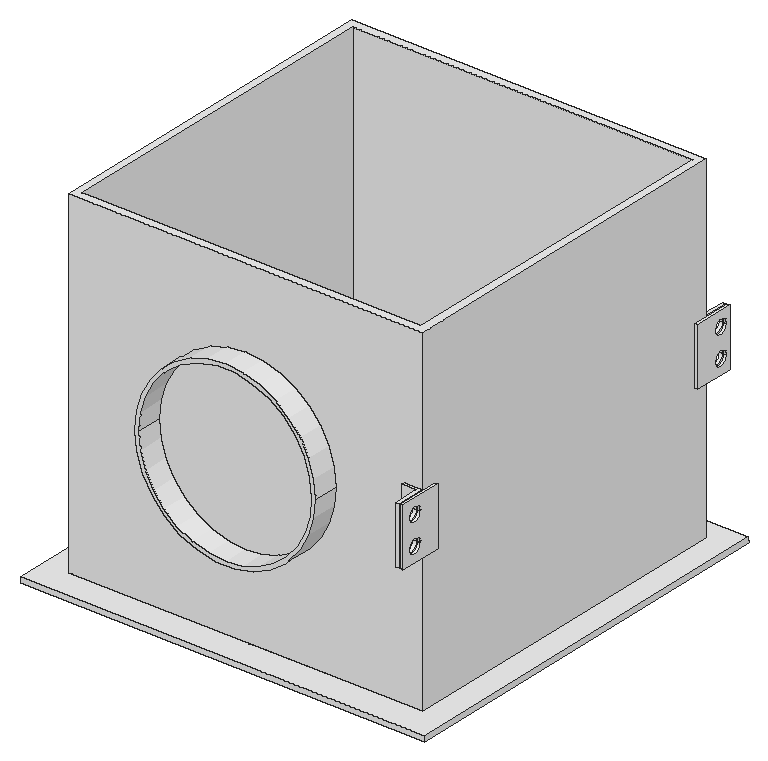
Revit family "Ceiling-Fan_VCDD-010C_Carnes", category Mechanical Equipment, host Ceiling, Revit 2012
Parameters
  ecoScorecard_data = ""
  ecoScorecard Product Page = "http://ecoscorecard.com/"
  Warranty URL = "http://www.carnes.com/GeneralCatalogs/termcond.pdf"
  Housing = Aluminum-Carnes-Spun-Brushed
  URL = "http://www.carnes.com/index.html"
  Specifications URL = ""
  Product Page URL = "http://www.carnes.com/ventilation/vcdd-vcdk.htm"
  Parts List URL = "http://www.carnes.com/ventilation/pdf/22005.pdf"
  Outer Radius = Duct Radius + 0' 0 1/8"  # 0' - 3 1/8"
  Model = "VCDD 010C"  # constant formula
  Material = ""
  Manufacturer Toll Free Phone = ""
  Manufacturer Phone = "608-845-6411"  # constant formula
  Manufacturer Fax = "608-845-6470"  # constant formula
  Manufacturer Email = "mailto:carnes@carnes.com"
  Manufacturer Address = "448 S. Main St., P. O. Box 930040, Verona, WI 53593-0040"  # constant formula
  Manufacturer = "CARNES COMPANY"  # constant formula
  IOM Instructions URL = "http://www.carnes.com/ventilation/pdf/11235.pdf"
  Grill Size = "14 x 14"
  Grill Depth = 0' - 0 3/8"
  Duct Radius = 0' - 3"
  Duct Connector = "6\""
  Description = "Ceiling Ventilators"  # constant formula
  Cost Info = "mailto:carnes@carnes.com"
  Catalog URL = "http://www.carnes.com/ventilation/pdf/C269-C295.pdf"
  Box Size = "12-1/4 x 12-1/4"
  Box Depth = 0' - 11 3/4"
  Assembly Code = "D3040200"
  95 CSI = "15850"  # constant formula
  04 CSI = "23 37 13"  # constant formula
Reference planes (in)
  plane 1 "Center (Front/Back)": y = 0
  plane 2 "Ceiling": z = 96
  plane 3 "Center (Left/Right)": x = 0
  plane 4: y = 6.125
  plane 5: x = -6.125
  plane 6: y = -6.125
  plane 7: x = 6.125
  plane 8: z = 95.625
  plane 9: z = 107.75
  plane 10: y = 7
  plane 11: x = -7
  plane 12: y = -7
  plane 13: x = 7
  plane 14: y = 6
Forms (in)
  Sweep 1, solid, material "Aluminum-Carnes-Spun-Brushed" <- "Housing", detail levels fine
    path origin (0, 0.125, 96) x (0, -1, 0) y (1, 0, 0)
      loop
        line (-6.125, -6.125) -> (6.125, -6.125) -> (6.125, 6.125) -> (-6.125, 6.125) -> (-6.125, -6.125)
    profile origin (0, 6.25, 96) x (0, 1, 0) y (0, 0, 1)
      loop
        line (0, 11.75) -> (-0.25, 11.75) -> (-0.25, 0) -> (0, 0) -> (0, 11.75)
  Extrusion 2, solid, material "Aluminum-Carnes-Spun-Brushed" <- "Housing", detail levels fine
    sketch origin (0, 0.125, 96) x (0, 1, 0) y (0, 0, 1)
      loop
        line (-5.625, 4.875) -> (-5.625, 6.875) -> (-7.125, 6.875) -> (-7.125, 4.875) -> (-5.625, 4.875)
      loop
        line (7, 6.875) -> (5.625, 6.875) -> (5.625, 4.875) -> (7, 4.875) -> (7, 6.875)
      loop
        circle (-6.625, 5.38243) r 0.25
      loop
        circle (-6.625, 6.36757) r 0.25
      loop
        circle (6.625, 5.38243) r 0.25
      loop
        circle (6.625, 6.36757) r 0.25
    from 6.125 to 6.25
  Extrusion 3, solid, material "Aluminum-Carnes-Spun-Brushed" <- "Housing", detail levels fine
    sketch origin (0, 0.125, 96) x (0, -1, 0) y (1, 0, 0)
      loop
        line (6.125, 5.5) -> (6.25, 5.5) -> (6.25, 6) -> (7.125, 6) -> (7.125, 6.125) -> (6.125, 6.125) -> (6.125, 5.5)
      loop
        line (-6.125, 5.5) -> (-6.125, 6.125) -> (-7, 6.125) -> (-7, 6) -> (-6.25, 6) -> (-6.25, 5.5) -> (-6.125, 5.5)
    from 6.875 to 4.875
  Extrusion 4, void
    sketch origin (0, 0.125, 96) x (0, 1, 0) y (0, 0, 1)
      loop
        circle (6.625, 5.38243) r 0.25
      loop
        circle (6.625, 6.36757) r 0.25
      loop
        circle (-6.625, 5.38243) r 0.25
      loop
        circle (-6.625, 6.36757) r 0.25
    from 5.875 to 6.25
  Extrusion 5, solid, material "Aluminum-Carnes-Spun-Brushed" <- "Housing", detail levels fine
    sketch origin (0, 0.125, 96) x (1, 0, 0) y (0, 0, 1)
      loop
        circle (0, 5.875) r 3
      loop
        circle (0, 5.875) r 3.125
    from 6.125 to 7
Cuts and joins
  Extrusion 4 cuts Extrusion 2
  Extrusion 4 cuts Extrusion 3
Lines and regions (in)
  Opening 1
    outline origin (-60, 60, 97) x (-1, 0, 0) y (0, -1, 0)
      loop
        line (-67, 67) -> (-67, 53) -> (-53, 53) -> (-53, 67) -> (-67, 67)
  model lines, detail levels coarse+medium
    curve 1: line (-7, 7, 96) -> (7, 7, 96)
    curve 2: line (7, -7, 96) -> (7, 7, 96)
    curve 3: line (-7, -7, 96) -> (-7, 7, 96)
    curve 4: line (-7, -7, 96) -> (7, -7, 96)
Dimensions and locks (in)
  equal spacing: host sketch curve, plane 3 "Center (Left/Right)", host sketch curve
  equal spacing: host sketch curve, plane 1 "Center (Front/Back)", host sketch curve
  host sketch curve to host sketch curve = 10' - 0"  (x2)
  equal spacing: plane 5, plane 3 "Center (Left/Right)", plane 7
  plane 5 to plane 7 = 1' - 0 1/4"
  equal spacing: plane 4, plane 1 "Center (Front/Back)", plane 6
  plane 4 to plane 6 = 1' - 0 1/4"
  "Grill Depth": plane 2 "Ceiling" to plane 8
  "Box Depth": plane 9 to plane 2 "Ceiling"
  equal spacing: plane 10, plane 1 "Center (Front/Back)", plane 12
  plane 10 to plane 12 = 1' - 2"
  equal spacing: plane 11, plane 3 "Center (Left/Right)", plane 13
  plane 11 to plane 13 = 1' - 2"
  locked: Extrusion 3 sketch curve to Extrusion 3 sketch curve at 0.5
  "Duct Radius": radius of Extrusion 5 sketch curve
  "Outer Radius": radius of Extrusion 5 sketch curve
  aligned and locked: Extrusion 2 sketch curve to Extrusion 2 sketch curve  (x2)
  aligned and locked: Extrusion 3 to Extrusion 2
  aligned and locked: Extrusion 2 to Extrusion 3
  aligned and locked: Extrusion 4 to Extrusion 2
  aligned and locked: Extrusion 4 to Sweep 1
  aligned and locked: plane 14 to Sweep 1 sketch curve
  aligned and locked: curve 1 to plane 10
  aligned and locked: plane 13 to curve 2
  aligned and locked: curve 3 to plane 11
  aligned and locked: plane 12 to curve 4
Automatic sketch dimensions
  Sweep 1 sketch curve to plane 7 = 0' - 0"
  Sweep 1 sketch curve to plane 5 = 0' - 0"
  plane 4 to Sweep 1 sketch curve = 0' - 0 1/8"
  Sweep 1 sketch curve to plane 6 = 0' - 0 1/8"
  Sweep 1 sketch curve to profile plane = 0' - 0"  (x2)
  profile plane to Sweep 1 sketch curve = 0' - 11 3/4"
  Extrusion 2 sketch curve to plane 12 = 0' - 0"
  plane 6 to Extrusion 2 sketch curve = 0' - 0 3/8"  (x2)
  Extrusion 2 sketch curve to plane 6 = 0' - 0 5/8"
  Extrusion 2 sketch curve to plane 4 = 0' - 0 3/8"
  Extrusion 2 sketch curve to plane 10 = 0' - 0 1/4"  (x2)
  plane 10 to Extrusion 2 sketch curve = 0' - 0 1/8"
  plane 2 "Ceiling" to Extrusion 2 sketch curve = 0' - 4 7/8"
  Extrusion 2 sketch curve to Extrusion 2 sketch curve = 0' - 0.50743"  (x3)
  Extrusion 2 sketch curve to Extrusion 2 sketch curve = 0' - 0.98513"  (x2)
  Extrusion 3 sketch curve to plane 7 = 0' - 0"  (x2)
  plane 6 to Extrusion 3 sketch curve = 0' - 0"
  plane 12 to Extrusion 3 sketch curve = 0' - 0"
  Extrusion 3 sketch curve to Extrusion 3 sketch curve = 0' - 0 1/8"  (x2)
  plane 4 to Extrusion 3 sketch curve = 0' - 0 1/8"
  plane 10 to Extrusion 3 sketch curve = 0' - 0 1/8"
  plane 7 to Extrusion 3 sketch curve = 0' - 0 1/8"  (x2)
  Extrusion 3 sketch curve to Extrusion 3 sketch curve = 0' - 0 1/2"
  Extrusion 4 sketch curve to Extrusion 4 sketch curve = 0' - 0"  (x8)
  Extrusion 4 sketch curve to plane 10 = 0' - 0"  (x2)
  Extrusion 4 sketch curve to plane 10 = 0' - 0 1/4"  (x2)
  plane 6 to Extrusion 4 sketch curve = 0' - 0 1/8"  (x2)
  Extrusion 4 sketch curve to Extrusion 4 sketch curve = 0' - 0 1/4"  (x2)
  plane 2 "Ceiling" to Extrusion 4 sketch curve = 0' - 5.38243"  (x2)
  Extrusion 4 sketch curve to Extrusion 4 sketch curve = 0' - 0.98513"  (x2)
  Extrusion 5 sketch curve to Extrusion 5 sketch curve = 0' - 0"  (x2)
  plane 5 to Extrusion 5 sketch curve = 0' - 3"
  plane 2 "Ceiling" to Extrusion 5 sketch curve = 0' - 5 7/8"
  Opening 1 sketch curve to plane 10 = 0' - 0"
  Opening 1 sketch curve to plane 13 = 0' - 0"
  Opening 1 sketch curve to plane 11 = 0' - 0"
  plane 12 to Opening 1 sketch curve = 0' - 0"
  radius of Extrusion 2 sketch curve = 0' - 0 1/4"  (x4)
Nested families (in)
  nested 1: "Grill 1" at (0, 0, 95.625), type "Grill 1", detail levels fine
Definition of nested family "Grill 1"
  Parameters (values of type "Grill 1")
    Width = 1' - 2"
    Height = 0' - 0 3/8"
    Grill = Aluminum-Carnes-Spun-Brushed
    Depth = 1' - 2"
    Default Elevation = 4' - 0"
    Assembly Code = ""
  Reference planes (in)
    plane 1 "Center (Front/Back)": y = 0
    plane 2: z = 0
    plane 3 "Center (Left/Right)": x = 0
    plane 4: x = -7
    plane 5: x = 7
    plane 6: y = 7
    plane 7: y = -7
    plane 8: z = 0.375
  Forms (in)
    Sweep 1, solid, material "Aluminum-Carnes-Spun-Brushed" <- "Grill"
      path origin (0, 0, 0) x (1, 0, 0) y (0, 1, 0)
        loop
          line (-7, 7) -> (-7, -7) -> (7, -7) -> (7, 7) -> (-7, 7)
      profile origin (0, 7, 0) x (0, 1, 0) y (0, 0, 1)
        loop
          line (0, 0.375) -> (-1, 0.375) -> (-1, 0) -> (-0.54372, 0) -> (0, 0.1875) -> (0, 0.375)
    Sweep 2, solid, material "Aluminum-Carnes-Spun-Brushed" <- "Grill"
      path in 3D
        loop
          line (-6, 6, 0.375) -> (6, 6, 0.375) -> (6, -6, 0.375) -> (-6, -6, 0.375) -> (-6, 6, 0.375)
      profile origin (-6, 0, 0.375) x (-1, 0, 0) y (0, 0, 1)
        loop
          line (-0.25, -0.1875) -> (-0.25, 0) -> (-0.5, 0) -> (-0.5, -0.375) -> (-0.375, -0.375) -> (-0.25, -0.1875)
    Sweep 3, solid, material "Aluminum-Carnes-Spun-Brushed" <- "Grill"
      path in 3D
        loop
          line (5.5, 5.5, 0.375) -> (5.5, -5.5, 0.375) -> (-5.5, -5.5, 0.375) -> (-5.5, 5.5, 0.375) -> (5.5, 5.5, 0.375)
      profile origin (0, 5.5, 0.375) x (0, 1, 0) y (0, 0, 1)
        loop
          line (-0.25, -0.1875) -> (-0.25, 0) -> (-0.5, 0) -> (-0.5, -0.375) -> (-0.375, -0.375) -> (-0.25, -0.1875)
    Sweep 4, solid, material "Aluminum-Carnes-Spun-Brushed" <- "Grill"
      path in 3D
        loop
          line (5, 5, 0.375) -> (5, -5, 0.375) -> (-5, -5, 0.375) -> (-5, 5, 0.375) -> (5, 5, 0.375)
      profile origin (0, 5, 0.375) x (0, 1, 0) y (0, 0, 1)
        loop
          line (-0.25, -0.1875) -> (-0.25, 0) -> (-0.5, 0) -> (-0.5, -0.375) -> (-0.375, -0.375) -> (-0.25, -0.1875)
    Sweep 5, solid, material "Aluminum-Carnes-Spun-Brushed" <- "Grill"
      path in 3D
        loop
          line (4.5, 4.5, 0.375) -> (4.5, -4.5, 0.375) -> (-4.5, -4.5, 0.375) -> (-4.5, 4.5, 0.375) -> (4.5, 4.5, 0.375)
      profile origin (0, 4.5, 0.375) x (0, 1, 0) y (0, 0, 1)
        loop
          line (-0.25, -0.1875) -> (-0.25, 0) -> (-0.5, 0) -> (-0.5, -0.375) -> (-0.375, -0.375) -> (-0.25, -0.1875)
    Sweep 6, solid, material "Aluminum-Carnes-Spun-Brushed" <- "Grill"
      path in 3D
        loop
          line (-4, 4, 0.375) -> (4, 4, 0.375) -> (4, -4, 0.375) -> (-4, -4, 0.375) -> (-4, 4, 0.375)
      profile origin (-4, 0, 0.375) x (-1, 0, 0) y (0, 0, 1)
        loop
          line (-0.25, -0.1875) -> (-0.25, 0) -> (-0.5, 0) -> (-0.5, -0.375) -> (-0.375, -0.375) -> (-0.25, -0.1875)
    Sweep 7, solid, material "Aluminum-Carnes-Spun-Brushed" <- "Grill"
      path in 3D
        loop
          line (-3.5, 3.5, 0.375) -> (3.5, 3.5, 0.375) -> (3.5, -3.5, 0.375) -> (-3.5, -3.5, 0.375) -> (-3.5, 3.5, 0.375)
      profile origin (-3.5, 0, 0.375) x (-1, 0, 0) y (0, 0, 1)
        loop
          line (-0.5, -0.375) -> (-0.5, 0) -> (-0.75, 0) -> (-0.75, -0.375) -> (-0.5, -0.375)
    Extrusion 8, solid, material "Aluminum-Carnes-Spun-Brushed" <- "Grill"
      sketch origin (0, 0, 0) x (1, 0, 0) y (0, 1, 0)
        loop
          line (-2.75, 2.75) -> (-2.75, -2.75) -> (2.75, -2.75) -> (2.75, 2.75) -> (-2.75, 2.75)
      from 0 to 0.375
    Extrusion 9, solid, material "Aluminum-Carnes-Spun-Brushed" <- "Grill"
      sketch origin (0, 0, 0) x (1, 0, 0) y (0, 1, 0)
        loop
          line (-0.125, 3) -> (0.125, 3) -> (0.125, 3.5) -> (-0.125, 3.5) -> (-0.125, 3)
        loop
          line (0.125, 6) -> (-0.125, 6) -> (-0.125, 5.75) -> (0.125, 5.75) -> (0.125, 6)
        loop
          line (-0.125, 5.5) -> (-0.125, 5.25) -> (0.125, 5.25) -> (0.125, 5.5) -> (-0.125, 5.5)
        loop
          line (-0.125, 5) -> (-0.125, 4.75) -> (0.125, 4.75) -> (0.125, 5) -> (-0.125, 5)
        loop
          line (-0.125, 4.5) -> (-0.125, 4.25) -> (0.125, 4.25) -> (0.125, 4.5) -> (-0.125, 4.5)
        loop
          line (-0.125, 4) -> (-0.125, 3.75) -> (0.125, 3.75) -> (0.125, 4) -> (-0.125, 4)
      from 0 to 0.375
    Extrusion 10, solid, material "Aluminum-Carnes-Spun-Brushed" <- "Grill"
      sketch origin (0, 0, 0) x (1, 0, 0) y (0, 1, 0)
        loop
          line (6, -0.125) -> (6, 0.125) -> (5.75, 0.125) -> (5.75, -0.125) -> (6, -0.125)
        loop
          line (5.5, 0.125) -> (5.25, 0.125) -> (5.25, -0.125) -> (5.5, -0.125) -> (5.5, 0.125)
        loop
          line (5, 0.125) -> (4.75, 0.125) -> (4.75, -0.125) -> (5, -0.125) -> (5, 0.125)
        loop
          line (4.5, 0.125) -> (4.25, 0.125) -> (4.25, -0.125) -> (4.5, -0.125) -> (4.5, 0.125)
        loop
          line (4, 0.125) -> (3.75, 0.125) -> (3.75, -0.125) -> (4, -0.125) -> (4, 0.125)
        loop
          line (3.5, 0.125) -> (3, 0.125) -> (3, -0.125) -> (3.5, -0.125) -> (3.5, 0.125)
      from 0 to 0.375
    Extrusion 11, solid, material "Aluminum-Carnes-Spun-Brushed" <- "Grill"
      sketch origin (0, 0, 0) x (1, 0, 0) y (0, 1, 0)
        loop
          line (-6, 0.125) -> (-6, -0.125) -> (-5.75, -0.125) -> (-5.75, 0.125) -> (-6, 0.125)
        loop
          line (-3, -0.125) -> (-3, 0.125) -> (-3.5, 0.125) -> (-3.5, -0.125) -> (-3, -0.125)
        loop
          line (-5.5, -0.125) -> (-5.25, -0.125) -> (-5.25, 0.125) -> (-5.5, 0.125) -> (-5.5, -0.125)
        loop
          line (-5, -0.125) -> (-4.75, -0.125) -> (-4.75, 0.125) -> (-5, 0.125) -> (-5, -0.125)
        loop
          line (-4.5, -0.125) -> (-4.25, -0.125) -> (-4.25, 0.125) -> (-4.5, 0.125) -> (-4.5, -0.125)
        loop
          line (-4, -0.125) -> (-3.75, -0.125) -> (-3.75, 0.125) -> (-4, 0.125) -> (-4, -0.125)
      from 0 to 0.375
    Extrusion 12, solid, material "Aluminum-Carnes-Spun-Brushed" <- "Grill"
      sketch origin (0, 0, 0) x (1, 0, 0) y (0, 1, 0)
        loop
          line (-0.125, -6) -> (0.125, -6) -> (0.125, -5.75) -> (-0.125, -5.75) -> (-0.125, -6)
        loop
          line (0.125, -3) -> (-0.125, -3) -> (-0.125, -3.5) -> (0.125, -3.5) -> (0.125, -3)
        loop
          line (0.125, -5.5) -> (0.125, -5.25) -> (-0.125, -5.25) -> (-0.125, -5.5) -> (0.125, -5.5)
        loop
          line (0.125, -5) -> (0.125, -4.75) -> (-0.125, -4.75) -> (-0.125, -5) -> (0.125, -5)
        loop
          line (0.125, -4.5) -> (0.125, -4.25) -> (-0.125, -4.25) -> (-0.125, -4.5) -> (0.125, -4.5)
        loop
          line (0.125, -4) -> (0.125, -3.75) -> (-0.125, -3.75) -> (-0.125, -4) -> (0.125, -4)
      from 0 to 0.375
  Cuts and joins
    joined: Sweep 1, Sweep 2, Sweep 3, Sweep 4, Sweep 5, Sweep 6, Sweep 7, Extrusion 8, Extrusion 9, Extrusion 10, Extrusion 11, Extrusion 12
  Lines and regions (in)
    sketch lines
      curve 1: line (-6, -6, 0.375) -> (-6, 6, 0.375)
      curve 2: line (6, -6, 0.375) -> (-6, -6, 0.375)
      curve 3: line (6, 6, 0.375) -> (6, -6, 0.375)
      curve 4: line (-6, 6, 0.375) -> (6, 6, 0.375)
      curve 5: line (-5.5, 5.5, 0.375) -> (5.5, 5.5, 0.375)
      curve 6: line (-5.5, -5.5, 0.375) -> (-5.5, 5.5, 0.375)
      curve 7: line (5.5, -5.5, 0.375) -> (-5.5, -5.5, 0.375)
      curve 8: line (5.5, 5.5, 0.375) -> (5.5, -5.5, 0.375)
      curve 9: line (-5, 5, 0.375) -> (5, 5, 0.375)
      curve 10: line (-5, -5, 0.375) -> (-5, 5, 0.375)
      curve 11: line (5, -5, 0.375) -> (-5, -5, 0.375)
      curve 12: line (5, 5, 0.375) -> (5, -5, 0.375)
      curve 13: line (-4.5, 4.5, 0.375) -> (4.5, 4.5, 0.375)
      curve 14: line (-4.5, -4.5, 0.375) -> (-4.5, 4.5, 0.375)
      curve 15: line (4.5, -4.5, 0.375) -> (-4.5, -4.5, 0.375)
      curve 16: line (4.5, 4.5, 0.375) -> (4.5, -4.5, 0.375)
      curve 17: line (-4, -4, 0.375) -> (-4, 4, 0.375)
      curve 18: line (4, -4, 0.375) -> (-4, -4, 0.375)
      curve 19: line (4, 4, 0.375) -> (4, -4, 0.375)
      curve 20: line (-4, 4, 0.375) -> (4, 4, 0.375)
      curve 21: line (-3.5, -3.5, 0.375) -> (-3.5, 3.5, 0.375)
      curve 22: line (3.5, -3.5, 0.375) -> (-3.5, -3.5, 0.375)
      curve 23: line (3.5, 3.5, 0.375) -> (3.5, -3.5, 0.375)
      curve 24: line (-3.5, 3.5, 0.375) -> (3.5, 3.5, 0.375)
  Dimensions and locks (in)
    equal spacing: plane 6, plane 1 "Center (Front/Back)", plane 7
    equal spacing: plane 4, plane 3 "Center (Left/Right)", plane 5
    "Width": plane 4 to plane 5
    "Depth": plane 6 to plane 7
    "Height": plane 8 to plane 2
    locked: profile plane to Sweep 1 sketch curve at 0.54372
    locked: plane 8 to Sweep 1 sketch curve at 0.1875
    equal spacing: Extrusion 9 sketch curve, plane 3 "Center (Left/Right)", Extrusion 9 sketch curve
    equal spacing: Extrusion 10 sketch curve, plane 1 "Center (Front/Back)", Extrusion 10 sketch curve
    aligned and locked: plane 2 to level
    aligned and locked: Sweep 1 sketch curve to plane 6
    aligned and locked: Sweep 1 sketch curve to plane 4
    aligned and locked: Sweep 1 sketch curve to plane 7
    aligned and locked: Sweep 1 sketch curve to plane 5
    aligned and locked: Sweep 1 sketch curve to profile plane
    aligned and locked: Sweep 1 sketch curve to plane 8
    aligned and locked: profile plane to Sweep 1 sketch curve
    aligned and locked: profile plane to Sweep 2 sketch curve
    aligned and locked: level to Sweep 2 sketch curve
    aligned and locked: profile plane to Sweep 3 sketch curve
    aligned and locked: level to Sweep 3 sketch curve
    aligned and locked: profile plane to Sweep 4 sketch curve
    aligned and locked: level to Sweep 4 sketch curve
    aligned and locked: profile plane to Sweep 5 sketch curve
    aligned and locked: level to Sweep 5 sketch curve
    aligned and locked: profile plane to Sweep 6 sketch curve
    aligned and locked: level to Sweep 6 sketch curve
    aligned and locked: profile plane to Sweep 7 sketch curve
    aligned and locked: level to Sweep 7 sketch curve
    aligned and locked: Extrusion 8 sketch curve to Sweep 7  (x4)
    aligned and locked: Extrusion 8 to plane 2
    aligned and locked: plane 8 to Extrusion 8
    aligned and locked: Sweep 1 to Extrusion 9 sketch curve
    aligned and locked: Sweep 2 to Extrusion 9 sketch curve  (x2)
    aligned and locked: Sweep 3 to Extrusion 9 sketch curve
    aligned and locked: Sweep 4 to Extrusion 9 sketch curve
    aligned and locked: Sweep 5 to Extrusion 9 sketch curve  (x2)
    aligned and locked: Extrusion 9 sketch curve to Extrusion 9 sketch curve  (x10)
    aligned and locked: Extrusion 9 to plane 2
    aligned and locked: plane 8 to Extrusion 9
    aligned and locked: cut or joined group 1 (Sweep 1, Sweep 2, Sweep 3, Sweep 4, Sweep 5, Sweep 6, Sweep 7, Extrusion 8, Extrusion 9, Extrusion 10, Extrusion 11, Extrusion 12) to Extrusion 10 sketch curve  (x11)
    aligned and locked: Extrusion 10 sketch curve to Extrusion 10 sketch curve  (x10)
    aligned and locked: Extrusion 10 to plane 2
    aligned and locked: plane 8 to Extrusion 10
    aligned and locked: cut or joined group 1 to Extrusion 11 sketch curve  (x12)
    aligned and locked: Extrusion 11 to plane 2
    aligned and locked: plane 8 to Extrusion 11
    aligned and locked: cut or joined group 1 to Extrusion 12 sketch curve  (x12)
    aligned and locked: Extrusion 12 to plane 2
    aligned and locked: plane 8 to Extrusion 12
  Automatic sketch dimensions
    Sweep 1 sketch curve to Sweep 1 sketch curve = 0' - 0.45628"
    profile plane to Sweep 2 sketch curve = 0' - 0 1/2"
    Sweep 2 sketch curve to Sweep 2 sketch curve = 0' - 0 1/8"
    profile plane to Sweep 2 sketch curve = 0' - 0 1/4"
    Sweep 2 sketch curve to Sweep 2 sketch curve = 0' - 0 3/16"
    profile plane to Sweep 3 sketch curve = 0' - 0 1/2"
    Sweep 3 sketch curve to Sweep 3 sketch curve = 0' - 0 1/8"
    profile plane to Sweep 3 sketch curve = 0' - 0 1/4"
    Sweep 3 sketch curve to Sweep 3 sketch curve = 0' - 0 3/16"
    profile plane to Sweep 4 sketch curve = 0' - 0 1/2"
    Sweep 4 sketch curve to Sweep 4 sketch curve = 0' - 0 1/8"
    Sweep 4 sketch curve to Sweep 4 sketch curve = 0' - 0 1/4"
    Sweep 4 sketch curve to profile plane = 0' - 0 3/16"
    profile plane to Sweep 5 sketch curve = 0' - 0 1/2"
    Sweep 5 sketch curve to Sweep 5 sketch curve = 0' - 0 1/8"
    Sweep 5 sketch curve to Sweep 5 sketch curve = 0' - 0 1/4"
    Sweep 5 sketch curve to profile plane = 0' - 0 3/16"
    profile plane to Sweep 6 sketch curve = 0' - 0 1/2"
    Sweep 6 sketch curve to Sweep 6 sketch curve = 0' - 0 1/8"
    Sweep 6 sketch curve to Sweep 6 sketch curve = 0' - 0 1/4"
    Sweep 6 sketch curve to profile plane = 0' - 0 3/16"
    profile plane to Sweep 7 sketch curve = 0' - 0 3/4"
    Sweep 7 sketch curve to Sweep 7 sketch curve = 0' - 0 1/4"
    Extrusion 9 sketch curve to plane 3 "Center (Left/Right)" = 0' - 0 1/8"
    Extrusion 10 sketch curve to plane 1 "Center (Front/Back)" = 0' - 0 1/8"
    Extrusion 10 sketch curve to Extrusion 10 sketch curve = 0' - 0 1/4"
    Extrusion 9 sketch curve to Extrusion 9 sketch curve = 0' - 0 1/4"  (x4)
    Extrusion 9 sketch curve to Extrusion 9 sketch curve = 0' - 0 1/2"
    Extrusion 11 sketch curve to plane 1 "Center (Front/Back)" = 0' - 0 1/8"  (x4)
    Extrusion 11 sketch curve to Extrusion 11 sketch curve = 0' - 0"  (x4)
    plane 1 "Center (Front/Back)" to Extrusion 11 sketch curve = 0' - 0 1/8"  (x4)
    Extrusion 12 sketch curve to plane 3 "Center (Left/Right)" = 0' - 0 1/8"  (x3)
    Extrusion 12 sketch curve to Extrusion 12 sketch curve = 0' - 0"  (x8)
    plane 3 "Center (Left/Right)" to Extrusion 12 sketch curve = 0' - 0 1/8"
